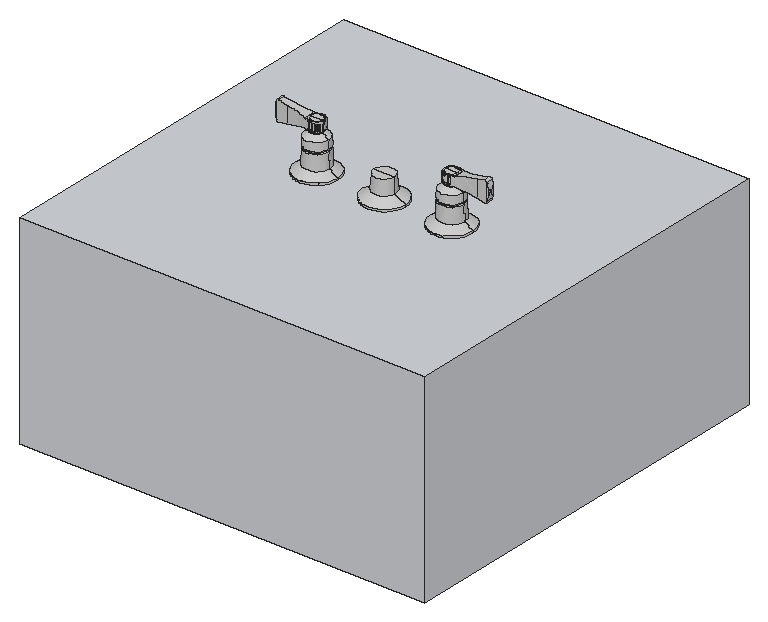
Revit family
Parameters
  Width = 14.5"
  Waste Connection = no
  WFU = 0
  Vent Connection = no
  URL = "www.moencommercial.com"
  Model = "8226"
  Manufacturer = "Moen"
  Length = 2.5"
  Keynote = "15410"
  Hot Water Connection Diameter = 0.5"  # 1/2"
  Height = 3.25"
  Handle Type = "2-1/2\" Lever handles with hot and cold color indicators"
  HWFU = 1
  Finish = Moen-Chrome
  Drain Type = "None"
  Domestic Water Flow Rate = 0 GPM
  Documentation Link = "http://www.moen.com/shared/pdf/commercial/ca8226sp.pdf"
  Description = "Two-Handle Lavatory Faucet Less Spout"
  Default Elevation = 48"
  Cold Water Connection Diameter = 0.5"  # 1/2"
  CWFU = 1
  Assembly Code = "D2010400"
  ADA Compliant = yes
Reference planes (in)
  plane 1 "Center (Front/Back)": y = 0
  plane 2: z = 0
  plane 3 "Center (Left/Right)": x = 0
  plane 4: x = -4
  plane 5: x = 4
  plane 6: x = -7.25
  plane 7: x = 7.25
  plane 8: z = 3.25
Forms (in)
  Extrusion 1, solid
    sketch origin (0, 0, 0) x (1, 0, 0) y (0, 1, 0)
      loop
        line (-12, 12) -> (-12, -12) -> (12, -12) -> (12, 12) -> (-12, 12)
    from 0 to -12
Lines and regions (in)
  Masking region 1
    outline origin (0, 0, 0) x (1, 0, 0) y (0, 1, 0)
      loop
        arc (-5.23349, 0.20252) -> (-5.43244, 0.19089) -> (-5.63169, 0.18701) r 5.12023
        line (-5.63169, 0.18701) -> (-6.30804, 0.18701) -> (-6.30804, -0.18701) -> (-5.63169, -0.18701)
        arc (-5.63169, -0.18701) -> (-5.43244, -0.19089) -> (-5.23349, -0.20252) r 5.12023
        arc (-5.23349, -0.20252) -> (-2.75, 0) -> (-5.23349, 0.20252) r 1.25
      loop
        spline (5.23342, -0.2029) -> (5.26655, -0.20036) -> (5.29969, -0.19804) -> (5.33285, -0.19595) -> (5.36602, -0.19407) -> (5.39921, -0.19242) -> (5.4324, -0.19098) -> (5.4656, -0.18977) -> (5.49881, -0.18877) -> (5.53203, -0.188) -> (5.56525, -0.18745) -> (5.59847, -0.18712) -> (5.63169, -0.18701)
        line (5.63169, -0.18701) -> (6.2294, -0.18701)
        arc (6.2294, -0.18701) -> (6.2836, -0.16538) -> (6.30804, -0.11239) r 0.07874
        line (6.30804, -0.11239) -> (6.31069, -0.06181)
        arc (6.31069, -0.06181) -> (6.31231, 0) -> (6.31069, 0.06181) r 1.1811
        line (6.31069, 0.06181) -> (6.30804, 0.11239)
        arc (6.30804, 0.11239) -> (6.2836, 0.16538) -> (6.2294, 0.18701) r 0.07874
        line (6.2294, 0.18701) -> (5.63169, 0.18701)
        spline (5.63169, 0.18701) -> (5.59847, 0.18712) -> (5.56525, 0.18745) -> (5.53203, 0.188) -> (5.49881, 0.18877) -> (5.4656, 0.18977) -> (5.4324, 0.19098) -> (5.39921, 0.19242) -> (5.36602, 0.19407) -> (5.33285, 0.19595) -> (5.29969, 0.19804) -> (5.26655, 0.20036) -> (5.23342, 0.2029)
        arc (5.23342, 0.2029) -> (2.75, 0) -> (5.23342, -0.2029) r 1.25
      loop
        circle (0, 0) r 1.25
  symbolic lines
    curve 1: arc (-4.17173, -0.39956, 0) -> (-4.14156, -0.41247, 0) -> (-4.11149, -0.42564, 0) r 3.79721
    curve 2: arc (-5.63169, 0.18701, 0) -> (-4.84011, 0.24857, 0) -> (-4.06756, 0.43176, 0) r 5.12023
    curve 3: arc (-5.63169, -0.18701, 0) -> (-4.84011, -0.24857, 0) -> (-4.06756, -0.43176, 0) r 5.12023
    curve 4: arc (-4.06756, -0.43176, 0) -> (-3.56298, 0, 0) -> (-4.06756, 0.43176, 0) r 0.43702
    curve 5: spline (5.63169, 0.18701, 0) -> (5.50472, 0.18862, 0) -> (5.37783, 0.19346, 0) -> (5.2511, 0.20151, 0) -> (5.12461, 0.21279, 0) -> (4.99846, 0.22727, 0) -> (4.87271, 0.24495, 0) -> (4.74745, 0.26582, 0) -> (4.62276, 0.28986, 0) -> (4.49872, 0.31706, 0) -> (4.37542, 0.3474, 0) -> (4.25292, 0.38087, 0) -> (4.13131, 0.41743, 0)
    curve 6: spline (4.13131, -0.41743, 0) -> (4.25292, -0.38087, 0) -> (4.37542, -0.3474, 0) -> (4.49872, -0.31706, 0) -> (4.62276, -0.28986, 0) -> (4.74745, -0.26582, 0) -> (4.87271, -0.24495, 0) -> (4.99846, -0.22727, 0) -> (5.12461, -0.21279, 0) -> (5.2511, -0.20151, 0) -> (5.37783, -0.19346, 0) -> (5.50472, -0.18862, 0) -> (5.63169, -0.18701, 0)
    curve 7: arc (4.13131, 0.41743, 0) -> (3.5624, 0, 0) -> (4.13131, -0.41743, 0) r 0.4376
    curve 8: arc (4.69672, -0.27763, 0) -> (3.25, -0.00073, 0) -> (4.69618, 0.27899, 0) r 0.75
    curve 9: arc (-4.69865, 0.27274, 0) -> (-3.25, 0, 0) -> (-4.69865, -0.27274, 0) r 0.75
    curve 10: circle (0, 0, 0) r 0.65 normal (0, 0, 1)
    curve 11: circle (0, 0, 0) r 0.6 normal (0, 0, 1)
Text (in)
  text "Heigth and Width Parameters do not control Model geometry.  If you need to change the size of the model, select the correct model number." at (9.86064, 0, 13.37682), in view "Front"
Dimensions and locks (in)
  locked: plane 4 to plane 3 "Center (Left/Right)" at 4
  locked: plane 5 to plane 3 "Center (Left/Right)" at 4
  equal spacing: plane 7, plane 3 "Center (Left/Right)", plane 6
  "Width": plane 7 to plane 6
  "Height": plane 8 to plane 2
  aligned and locked: plane 2 to Extrusion 1
  aligned and locked: level to Extrusion 1
Automatic sketch dimensions
  Extrusion 1 sketch curve to Extrusion 1 sketch curve = 24"  (x2)
  Masking region 1 sketch curve to plane 4 = 0"
  Masking region 1 sketch curve to plane 3 "Center (Left/Right)" = 0"
  plane 1 "Center (Front/Back)" to Masking region 1 sketch curve = 0"  (x4)
  Masking region 1 sketch curve to plane 5 = 0"
  Masking region 1 sketch curve to plane 4 = 1.23349"
  plane 1 "Center (Front/Back)" to Masking region 1 sketch curve = 0.20252"
  plane 6 to Masking region 1 sketch curve = 1.61831"
  Masking region 1 sketch curve to plane 1 "Center (Front/Back)" = 0.18701"  (x2)
  Masking region 1 sketch curve to Masking region 1 sketch curve = 0"  (x6)
  Masking region 1 sketch curve to Masking region 1 sketch curve = 0.67634"
  plane 3 "Center (Left/Right)" to Masking region 1 sketch curve = 0.65821"
  plane 3 "Center (Left/Right)" to Masking region 1 sketch curve = 0.65881"
  Masking region 1 sketch curve to Masking region 1 sketch curve = 1.1312"
  Masking region 1 sketch curve to Masking region 1 sketch curve = 0.10222"  (x2)
  Masking region 1 sketch curve to plane 1 "Center (Front/Back)" = 0.2029"
  plane 7 to Masking region 1 sketch curve = 1.6185"
  plane 7 to Masking region 1 sketch curve = 1.61849"
  Masking region 1 sketch curve to Masking region 1 sketch curve = 0.39827"
  Masking region 1 sketch curve to Masking region 1 sketch curve = 0.59771"
  plane 1 "Center (Front/Back)" to Masking region 1 sketch curve = 0.18701"
  plane 1 "Center (Front/Back)" to Masking region 1 sketch curve = 0.11239"
  Masking region 1 sketch curve to Masking region 1 sketch curve = 0.07863"  (x2)
  Masking region 1 sketch curve to Masking region 1 sketch curve = 0.00265"  (x2)
  Masking region 1 sketch curve to Masking region 1 sketch curve = 4.98219"
  Masking region 1 sketch curve to Masking region 1 sketch curve = 5.10472"
  Masking region 1 sketch curve to Masking region 1 sketch curve = 0.05057"
  Masking region 1 sketch curve to Masking region 1 sketch curve = 0.07874"
  Masking region 1 sketch curve to plane 1 "Center (Front/Back)" = 0.20252"
  curve 4 to curve 9 = 0"  (x2)
  curve 10 to curve 11 = 0"  (x2)
  plane 1 "Center (Front/Back)" to curve 9 = 0"
  curve 9 to plane 4 = 0"
  curve 10 to plane 3 "Center (Left/Right)" = 0"
  plane 1 "Center (Front/Back)" to curve 8 = 0"
  curve 8 to plane 5 = 0"
  plane 1 "Center (Front/Back)" to curve 7 = 0"
  curve 3 to plane 4 = 0.06756"
  curve 2 to plane 4 = 0.06756"
  curve 1 to curve 4 = 0.04393"
  curve 1 to curve 1 = 0.06024"
  curve 9 to curve 1 = 0.52692"
  curve 9 to plane 1 "Center (Front/Back)" = 0.27274"
  curve 9 to curve 9 = 0"
  plane 6 to curve 2 = 1.61831"
  plane 6 to curve 3 = 1.61831"
  curve 1 to curve 3 = 0.01831"
  plane 3 "Center (Left/Right)" to curve 5 = 0.65821"
  plane 3 "Center (Left/Right)" to curve 6 = 0.65881"
  plane 5 to curve 7 = 0"
  plane 5 to curve 5 = 0.13131"
  plane 5 to curve 6 = 0.13131"
  curve 8 to plane 1 "Center (Front/Back)" = 0.27899"
  curve 7 to curve 8 = 0.56487"
  plane 1 "Center (Front/Back)" to curve 8 = 0.27763"
  plane 7 to curve 6 = 1.6185"
  plane 7 to curve 5 = 1.61849"
  curve 5 to plane 1 "Center (Front/Back)" = 0.18701"
  curve 8 to curve 5 = 0.93552"
  curve 6 to curve 5 = 0"
  plane 1 "Center (Front/Back)" to curve 1 = 0.39956"
  plane 1 "Center (Front/Back)" to curve 6 = 0.41743"
  curve 4 to curve 1 = 0.00612"
  curve 6 to curve 8 = 4.90745"
  plane 1 "Center (Front/Back)" to curve 10 = 0"
  radius of Masking region 1 sketch curve = 1.25"
  radius of curve 10 = 0.65"
  radius of curve 11 = 0.6"
Nested families (in)
  nested 1: "Tapered Stand-alone Service Connection" at (-4, 0, 0), type "Tapered Stand-alone Service Connection"
  nested 2: "Tapered Stand-alone Service Connection" at (4, 0, 0), type "Tapered Stand-alone Service Connection"
  nested 3: "Lever Handle - Hot" at (-4, 0, 2.07), type "Lever Handle - Hot"
  nested 4: "Lever Handle - Cold" at (4, 0, 2.07), type "Lever Handle - Cold"
  nested 5: "Widespread Spout Base" at (0, 0, 0), type "Widespread Spout Base"
    with Finish Moen-Chrome
Connectors (in)
  piping at (4, 0, -3.3), driven by "Domestic Water Flow Rate"
    settings: on nested 2, index 1
  piping at (-4, 0, -3.3), driven by "Domestic Water Flow Rate"
    settings: on nested 1, index 2
Definition of nested family "Tapered Stand-alone Service Connection"
  Parameters (values of type "Tapered Stand-alone Service Connection")
    Finish [instance] = Moen-Chrome
    Assembly Code = ""
  Reference planes (in)
    plane 1 "Center (Front/Back)": y = 0
    plane 2: z = 0
    plane 3 "Center (Left/Right)": x = 0
  Forms (in)
    Revolve 1, solid, material "Moen-Chrome" <- "Finish"
      sketch origin (0, 0, 0) x (1, 0, 0) y (0, 0, 1)
        loop
          line (0, 0) -> (0, 2.2) -> (-0.375, 2.2) -> (-0.7, 1.95) -> (-0.71625, 1.46247) -> (-0.68019, 1.4) -> (-0.72067, 1.32988) -> (-0.75, 0.45) -> (-1.25, 0.1) -> (-1.25, 0) -> (0, 0)
        axis (0, 2.2) -> (0, 0)
      angle from 0 to 360
    Extrusion 2, solid, material "Default"
      sketch origin (0, 0, 0) x (1, 0, 0) y (0, 1, 0)
        loop
          circle (0, 0) r 0.375
      from 0 to -3.3
  Dimensions and locks (in)
    aligned and locked: Revolve 1 sketch curve to plane 3 "Center (Left/Right)"
Definition of nested family "Lever Handle - Hot"
  Parameters (values of type "Lever Handle - Hot")
    Finish [instance] = Moen-Chrome
    Assembly Code = ""
  Reference planes (in)
    plane 1 "Center (Front/Back)": y = 0
    plane 2: z = 0
    plane 3 "Center (Left/Right)": x = 0
    plane 4: z = 0.81181
    plane 5: z = 0.25324
  Forms (in)
    Revolve 1, solid, material "Moen-Chrome" <- "Finish"
      sketch origin (0, 0, 0) x (1, 0, 0) y (0, 0, 1)
        loop
          line (0.4376, 0.33036) -> (0.4376, 0.73307)
          arc (0.4376, 0.73307) -> (0.41454, 0.78875) -> (0.35886, 0.81181) r 0.07874
          line (0.35886, 0.81181) -> (0, 0.81181) -> (0, 0) -> (0.25935, 0)
          arc (0.25935, 0) -> (0.27327, 0.00577) -> (0.27904, 0.01969) r 0.01969
          line (0.27904, 0.01969) -> (0.27904, 0.2319)
          arc (0.27904, 0.2319) -> (0.2848, 0.24585) -> (0.29875, 0.25162) r 0.01969
          line (0.29875, 0.25162) -> (0.35886, 0.25162)
          arc (0.35886, 0.25162) -> (0.41454, 0.27468) -> (0.4376, 0.33036) r 0.07874
        axis (0, 0.81181) -> (0, 0)
      angle from 0 to 360
    Extrusion 2, solid, material "Moen-Chrome" <- "Finish"
      sketch origin (0, 0, 0) x (1, 0, 0) y (0, 1, 0)
        loop
          arc (-2.2294, 0.18701) -> (-2.2836, 0.16538) -> (-2.30804, 0.11239) r 0.07874
          line (-2.30804, 0.11239) -> (-2.31069, 0.06181)
          arc (-2.31069, 0.06181) -> (-2.31231, 0) -> (-2.31069, -0.06181) r 1.1811
          line (-2.31069, -0.06181) -> (-2.30804, -0.11239)
          arc (-2.30804, -0.11239) -> (-2.2836, -0.16538) -> (-2.2294, -0.18701) r 0.07874
          line (-2.2294, -0.18701) -> (-1.63169, -0.18701)
          spline (-1.63169, -0.18701) -> (-1.50472, -0.18862) -> (-1.37783, -0.19346) -> (-1.2511, -0.20151) -> (-1.12461, -0.21279) -> (-0.99846, -0.22727) -> (-0.87271, -0.24495) -> (-0.74745, -0.26582) -> (-0.62276, -0.28986) -> (-0.49872, -0.31706) -> (-0.37542, -0.3474) -> (-0.25292, -0.38087) -> (-0.13131, -0.41743)
          arc (-0.13131, -0.41743) -> (0.4376, 0) -> (-0.13131, 0.41743) r 0.4376
          spline (-0.13131, 0.41743) -> (-0.25292, 0.38087) -> (-0.37542, 0.3474) -> (-0.49872, 0.31706) -> (-0.62276, 0.28986) -> (-0.74745, 0.26582) -> (-0.87271, 0.24495) -> (-0.99846, 0.22727) -> (-1.12461, 0.21279) -> (-1.2511, 0.20151) -> (-1.37783, 0.19346) -> (-1.50472, 0.18862) -> (-1.6317, 0.18701)
          line (-1.6317, 0.18701) -> (-2.2294, 0.18701)
      from -0.125 to 1.30209
    Extrusion 3, void
      sketch origin (0, 0, 0) x (1, 0, 0) y (0, 0, 1)
        loop
          line (-0.45, 0.81181) -> (-2.10396, 1.12799)
          arc (-2.10396, 1.12799) -> (-2.19114, 1.11403) -> (-2.24432, 1.04356) r 0.11819
          arc (-2.24432, 1.04356) -> (-2.31231, 0.53177) -> (-2.24477, 0.01992) r 1.96688
          arc (-2.24477, 0.01992) -> (-2.19341, -0.04949) -> (-2.10854, -0.0654) r 0.11811
          line (-2.10854, -0.0654) -> (-0.45015, 0.25162) -> (0.35886, 0.25162)
          arc (0.35886, 0.25162) -> (0.41454, 0.27468) -> (0.4376, 0.33036) r 0.07874
          line (0.4376, 0.33036) -> (0.4376, 0.73307)
          arc (0.4376, 0.73307) -> (0.41454, 0.78875) -> (0.35886, 0.81181) r 0.07874
          line (0.35886, 0.81181) -> (-0.45, 0.81181)
        loop
          line (-2.69445, 1.52902) -> (-2.69445, -0.44662) -> (0.68414, -0.44662) -> (0.68414, 1.52902) -> (-2.69445, 1.52902)
      from -1.39793 to 1.33238
  Cuts and joins
    Extrusion 3 cuts Extrusion 2
  Lines and regions (in)
    Split face 1
      outline origin (-2.2294, -0.18701, 1.30209) x (0, 0, -1) y (1, 0, 0)
        loop
          circle (0.77119, 0.29147) r 0.25
    Split face 2
      outline origin (-2.2294, -0.18701, 1.30209) x (0, 0, -1) y (1, 0, 0)
        loop
          line (0.61118, 0.16398) -> (0.92368, 0.16398) -> (0.92368, 0.22406) -> (0.79959, 0.22406) -> (0.79959, 0.35889) -> (0.92368, 0.35889) -> (0.92368, 0.4183) -> (0.61118, 0.4183) -> (0.61118, 0.35889) -> (0.74419, 0.35889) -> (0.74419, 0.22406) -> (0.61118, 0.22406) -> (0.61118, 0.16398)
    symbolic lines
      curve 1: line (-2.30804, 0.18701, 0) -> (-2.30804, -0.18701, 0)
      curve 2: line (-2.30804, -0.18701, 0) -> (-1.63169, -0.18701, 0)
      curve 3: line (-1.63169, 0.18701, 0) -> (-2.30804, 0.18701, 0)
      curve 4: arc (-1.63169, -0.18701, 0) -> (-0.84011, -0.24857, 0) -> (-0.06756, -0.43176, 0) r 5.12023
      curve 5: arc (-1.63169, 0.18701, 0) -> (-0.84011, 0.24857, 0) -> (-0.06756, 0.43176, 0) r 5.12023
      curve 6: arc (-0.06756, -0.43176, 0) -> (0.43702, 0, 0) -> (-0.06756, 0.43176, 0) r 0.43702
Definition of nested family "Lever Handle - Cold"
  Parameters (values of type "Lever Handle - Cold")
    Finish [instance] = Moen-Chrome
    Assembly Code = ""
  Reference planes (in)
    plane 1 "Center (Front/Back)": y = 0
    plane 2: z = 0
    plane 3 "Center (Left/Right)": x = 0
    plane 4: z = 0.81181
    plane 5: z = 0.25324
  Forms (in)
    Revolve 1, solid, material "Moen-Chrome" <- "Finish"
      sketch origin (0, 0, 0) x (-1, 0, 0) y (0, 0, 1)
        loop
          line (0.4376, 0.33036) -> (0.4376, 0.73307)
          arc (0.4376, 0.73307) -> (0.41454, 0.78875) -> (0.35886, 0.81181) r 0.07874
          line (0.35886, 0.81181) -> (0, 0.81181) -> (0, 0) -> (0.25935, 0)
          arc (0.25935, 0) -> (0.27327, 0.00577) -> (0.27904, 0.01969) r 0.01969
          line (0.27904, 0.01969) -> (0.27904, 0.2319)
          arc (0.27904, 0.2319) -> (0.2848, 0.24585) -> (0.29875, 0.25162) r 0.01969
          line (0.29875, 0.25162) -> (0.35886, 0.25162)
          arc (0.35886, 0.25162) -> (0.41454, 0.27468) -> (0.4376, 0.33036) r 0.07874
        axis (0, 0.81181) -> (0, 0)
      angle from 0 to 360
    Extrusion 2, solid, material "Moen-Chrome" <- "Finish"
      sketch origin (0, 0, 0) x (-1, 0, 0) y (0, -1, 0)
        loop
          arc (-2.2294, 0.18701) -> (-2.2836, 0.16538) -> (-2.30804, 0.11239) r 0.07874
          line (-2.30804, 0.11239) -> (-2.31069, 0.06181)
          arc (-2.31069, 0.06181) -> (-2.31231, 0) -> (-2.31069, -0.06181) r 1.1811
          line (-2.31069, -0.06181) -> (-2.30804, -0.11239)
          arc (-2.30804, -0.11239) -> (-2.2836, -0.16538) -> (-2.2294, -0.18701) r 0.07874
          line (-2.2294, -0.18701) -> (-1.63169, -0.18701)
          spline (-1.63169, -0.18701) -> (-1.50472, -0.18862) -> (-1.37783, -0.19346) -> (-1.2511, -0.20151) -> (-1.12461, -0.21279) -> (-0.99846, -0.22727) -> (-0.87271, -0.24495) -> (-0.74745, -0.26582) -> (-0.62276, -0.28986) -> (-0.49872, -0.31706) -> (-0.37542, -0.3474) -> (-0.25292, -0.38087) -> (-0.13131, -0.41743)
          arc (-0.13131, -0.41743) -> (0.4376, 0) -> (-0.13131, 0.41743) r 0.4376
          spline (-0.13131, 0.41743) -> (-0.25292, 0.38087) -> (-0.37542, 0.3474) -> (-0.49872, 0.31706) -> (-0.62276, 0.28986) -> (-0.74745, 0.26582) -> (-0.87271, 0.24495) -> (-0.99846, 0.22727) -> (-1.12461, 0.21279) -> (-1.2511, 0.20151) -> (-1.37783, 0.19346) -> (-1.50472, 0.18862) -> (-1.6317, 0.18701)
          line (-1.6317, 0.18701) -> (-2.2294, 0.18701)
      from -0.125 to 1.30209
    Extrusion 3, void
      sketch origin (0, 0, 0) x (-1, 0, 0) y (0, 0, 1)
        loop
          line (-0.45, 0.81181) -> (-2.10396, 1.12799)
          arc (-2.10396, 1.12799) -> (-2.19114, 1.11403) -> (-2.24432, 1.04356) r 0.11819
          arc (-2.24432, 1.04356) -> (-2.31231, 0.53177) -> (-2.24477, 0.01992) r 1.96688
          arc (-2.24477, 0.01992) -> (-2.19341, -0.04949) -> (-2.10854, -0.0654) r 0.11811
          line (-2.10854, -0.0654) -> (-0.45015, 0.25162) -> (0.35886, 0.25162)
          arc (0.35886, 0.25162) -> (0.41454, 0.27468) -> (0.4376, 0.33036) r 0.07874
          line (0.4376, 0.33036) -> (0.4376, 0.73307)
          arc (0.4376, 0.73307) -> (0.41454, 0.78875) -> (0.35886, 0.81181) r 0.07874
          line (0.35886, 0.81181) -> (-0.45, 0.81181)
        loop
          line (-2.69445, 1.52902) -> (-2.69445, -0.44662) -> (0.68414, -0.44662) -> (0.68414, 1.52902) -> (-2.69445, 1.52902)
      from -1.39793 to 1.33238
  Cuts and joins
    Extrusion 3 cuts Extrusion 2
  Lines and regions (in)
    Split face 1
      outline origin (1.6317, -0.18701, 1.30209) x (0, 0, -1) y (1, 0, 0)
        loop
          circle (0.77119, 0.30384) r 0.25
    Split face 2
      outline origin (1.6317, -0.18701, 1.30209) x (0, 0, -1) y (1, 0, 0)
        loop
          line (0.88167, 0.41433) -> (0.83748, 0.37013)
          arc (0.83748, 0.37013) -> (0.77119, 0.21009) -> (0.7049, 0.37013) r 0.09375
          line (0.7049, 0.37013) -> (0.6607, 0.41433)
          arc (0.6607, 0.41433) -> (0.77119, 0.14759) -> (0.88167, 0.41433) r 0.15625
Definition of nested family "Widespread Spout Base"
  Parameters (values of type "Widespread Spout Base")
    Finish [instance] = Moen-Chrome
  Reference planes (in)
    plane 1 "Center (Front/Back)": y = 0
    plane 2: z = 0
    plane 3 "Center (Left/Right)": x = 0
  Forms (in)
    Revolve 1, solid, material "Moen-Chrome" <- "Finish"
      sketch origin (0, 0, 0) x (1, 0, 0) y (0, 0, 1)
        loop
          line (0, 0) -> (0, 1.35) -> (-0.6, 1.35) -> (-0.65, 0.5) -> (-1.25, 0.1) -> (-1.25, 0) -> (0, 0)
        axis (0, 1.35) -> (0, 0)
      angle from 0 to 360
  Dimensions and locks (in)
    locked: Revolve 1 sketch curve to plane 2 at 1.35
    locked: plane 3 "Center (Left/Right)" to Revolve 1 sketch curve at 1.25
    locked: Revolve 1 sketch curve to plane 2 at 0.1
    locked: plane 3 "Center (Left/Right)" to Revolve 1 sketch curve at 0.6
    locked: Revolve 1 sketch curve to plane 2 at 0.5
    locked: plane 3 "Center (Left/Right)" to Revolve 1 sketch curve at 0.65
    aligned and locked: plane 3 "Center (Left/Right)" to Revolve 1 sketch curve
    aligned and locked: plane 2 to Revolve 1 sketch curve
    aligned and locked: Revolve 1 sketch curve to plane 3 "Center (Left/Right)"
